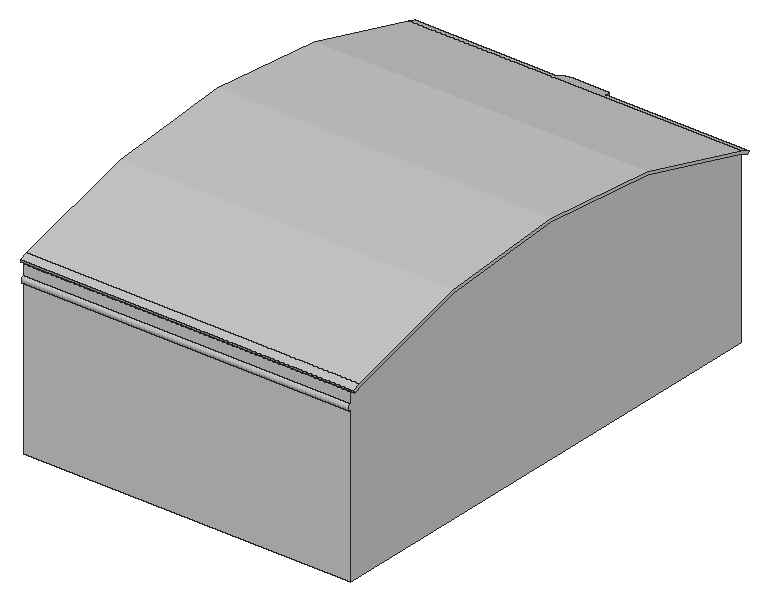
Revit family "PRD_AR_SntryTwlDspslBins_STRATOSSanitaryTowelAndDisposalBin_STR611", category Specialty Equipment, host Face, Revit 2020
Family settings
  Host = Face
  Round Connector Dimension = Use Diameter
  Part Type = Normal
  OmniClass Number = 23.40.20.31.11
  OmniClass Title = Bins
  Cut with Voids When Loaded = No
  Shared = No
  Room Calculation Point = No
Parameters (values of type "STR611")
  WasteBinMaterial = PRD_AR_StainlessSteel_SatinFinished
  WarrantyStartDate [instance] = "1900-12-31T23:59:59"
  WarrantyGuarantorParts = "n/a"
  WarrantyGuarantorLabor = "n/a"
  WarrantyDurationUnit = "year"
  WarrantyDurationParts = "n/a"
  WarrantyDurationLabor = "n/a"
  WarrantyDescription = "n/a"
  Version = "1"
  Uniclass2015Version = "Products v1.7"
  Uniclass2015Title = "Sanitary towel disposal bins"
  Uniclass2015Code = "Pr_40_50_07_76"
  URL = "www.kwc-professional.com"
  TagNumber [instance] = "n/a"
  SustainabilityPerformance = "n/a"
  Style = "Sanitary towel and disposal bin"
  Size = "205x305x134 mm"
  Shape = "n/a"
  SerialNumber [instance] = "n/a"
  Revision = "n/a"
  ReplacementCost = "n/a"
  ProductInformation = "http://pim.kwc.com/product/3600008914/attachment/datasheet?locale=en"
  NominalWidth = 205.00 mm
  NominalLength = 205.00 mm
  NominalHeight = 305.00 mm
  NominalDepth = 134.00 mm
  NetWeight = 3.42 kg
  Name = "STRATOS Sanitary towel and disposal bin STR611"
  NBSTypeID = "n/a"
  NBSReference = "45-35-72/350"
  NBSOfficeMasterTag = "n/a"
  NBSNote = "n/a"
  NBSDescription = "Sanitary towel disposal bins"
  NBSCertification = "n/a"
  ModelReference = "STR611"
  ModelNumber = "3600008914"
  Model = ModelReference  # "STR611"
  Materials = "Stainless steel 1.4301"
  Material = "Stainless steel"
  ManufacturerURL = "www.kwc-professional.com"
  ManufacturerName = "KWC Group Management AG"  # constant formula
  Manufacturer = ManufacturerName  # "KWC Group Management AG"
  MainColor = "Stainless steel"
  IntegralAccessories = "includes mounting materials"
  InstallationDate [instance] = "1900-12-31T23:59:59"
  IfcExportType = "NOTDEFINED"
  IfcExportAs = "IfcFurnitureType"
  GrossWeight = 3.72 kg
  Grade = "n/a"
  Form = "Wall mounted"
  FinishAndColour = "Stainless steel, satin finished"
  Finish = "Satin finished"
  FillingQuantity = "3.80 L"
  Features = "stainless steel, surface satin finished, wall mounting"
  ExpectedLife = "n/a"
  DurationUnit = "year"
  Description = "STRATOS hygiene waste bin for wall mounting, stainless steel, surface satin finished, material thickness 1.5 mm, curved front, approx. 3.8 litre capacity, hinged self-closing front, integrated plastic container for waste removal, including mounting material."
  Default Elevation = 820.00 mm
  CreatedOn = "09/2024"  # constant formula
  Constituents = "n/a"
  Color = "Stainless steel"
  CodePerformance = "n/a"
  Category = "Pr_40_50_07_76, Sanitary towel disposal bins"
  BarCode [instance] = "n/a"
  BIMObjectName = "PRD_AR_SanitaryTowelDisposalBins_STRATOSSanitaryTowelAndDisposalBin_STR611"
  Author = "Archispace"  # constant formula
  AssetType = "Fixed"
  AssetIdentifier [instance] = "n/a"
  AccessibilityPerformance = "n/a"
Reference planes
  plane 1 "Center (Front/Back)": y = 0
  plane 2: z = 0
  plane 3 "Center (Left/Right)": x = 0
Forms (mm)
  Extrusion 1, solid, material "PRD_AR_StainlessSteel_SatinFinished" <- "WasteBinMaterial", detail levels fine
    sketch origin (0, 0, 0) x (0, 1, 0) y (0, 0, 1)
      loop
        line (-295.61, 107.935) -> (-300.299, 106.2) -> (-299.779, 104.793) -> (-295.09, 106.528)
        arc (-295.09, 106.528) -> (-148.555, 132.505) -> (-2.207, 105.498) r 418
        line (-2.207, 105.498) -> (2.47, 103.73) -> (3.001, 105.133) -> (-1.676, 106.901)
        arc (-1.676, 106.901) -> (-148.55, 134.005) -> (-295.61, 107.935) r 419.5
    from -102.5 to 102.5
  Extrusion 2, solid, material "PRD_AR_StainlessSteel_SatinFinished" <- "WasteBinMaterial", detail levels fine
    sketch origin (0, -1.006, 0) x (0, 1, 0) y (0, 0, 1)
      loop
        line (1.006, 0) -> (1.006, 104.664) -> (-1.201, 105.498)
        arc (-1.201, 105.498) -> (-147.549, 132.505) -> (-294.083, 106.528) r 418
        line (-294.083, 106.528) -> (-298.994, 104.711) -> (-298.994, 0) -> (1.006, 0)
    from -100.5 to 100.5
  Extrusion 3, solid, material "PRD_AR_StainlessSteel_SatinFinished" <- "WasteBinMaterial", detail levels fine
    sketch origin (0, 0, 0) x (0, 1, 0) y (0, 0, 1)
      loop
        arc (-300, 98.09) -> (-301.8, 96.1) -> (-300, 94.11) r 2
        line (-300, 94.11) -> (-300, 98.09)
    from -100.5 to 100.5
  Extrusion 4, solid, material "PRD_AR_StainlessSteel_SatinFinished" <- "WasteBinMaterial", detail levels fine
    sketch origin (0, 0, 0) x (0, 1, 0) y (0, 0, 1)
      loop
        line (8.613, 103.011) -> (3.001, 105.133) -> (2.47, 103.73) -> (8.082, 101.608) -> (8.613, 103.011)
    from -15 to 15
  Sweep 5, void
    path in 3D
      loop
        line (15, 8.082, 101.608) -> (15, 8.613, 103.011)
    profile origin (15, 8.348, 102.31) x (0, -0.935384, 0.353633) y (1, 0, 0)
      loop
        line (0, 0) -> (0, -5)
        arc (0, -5) -> (1.464, -1.464) -> (5, 0) r 5
        line (5, 0) -> (0, 0)
  Sweep 6, void
    path in 3D
      loop
        line (-15, 8.082, 101.608) -> (-15, 8.613, 103.011)
    profile origin (-15, 8.348, 102.31) x (0, 0.935384, -0.353633) y (-1, 0, 0)
      loop
        line (0, 0) -> (-5, 0)
        arc (-5, 0) -> (-1.464, -1.464) -> (0, -5) r 5
        line (0, -5) -> (0, 0)
  Extrusion 7, solid, material "PRD_AR_StainlessSteel_SatinFinished" <- "WasteBinMaterial", detail levels medium
    sketch origin (0, 0, 0) x (0, 1, 0) y (0, 0, 1)
      loop
        arc (0, 106.263) -> (-149.998, 134.007) -> (-300, 106.283) r 419.5
        line (-300, 106.283) -> (-300, 0) -> (0, 0) -> (0, 106.263)
    from -102.5 to 102.5
  Extrusion 8, solid, material "PRD_AR_StainlessSteel_SatinFinished" <- "WasteBinMaterial", detail levels coarse
    sketch origin (0, 0, 0) x (0, 1, 0) y (0, 0, 1)
      loop
        line (-300, 134.007) -> (-300, 0) -> (0, 0) -> (0, 134.007) -> (-300, 134.007)
    from -102.5 to 102.5
Cuts and joins
  joined: Extrusion 2, Extrusion 3
  Sweep 6 cuts Extrusion 1
  Sweep 5, Sweep 6 cuts Extrusion 4
  joined: Extrusion 1, Extrusion 4
Lines and regions (mm)
  reference lines
    curve 1: line (0, 8.082, 101.608) -> (0, 8.613, 103.011)
  sketch lines
    curve 2: line (15, 8.082, 101.608) -> (15, 8.613, 103.011)
    curve 3: line (-15, 8.082, 101.608) -> (-15, 8.613, 103.011)
Dimensions and locks
  aligned and locked: plane 2 to host face
  aligned and locked: level to host face
